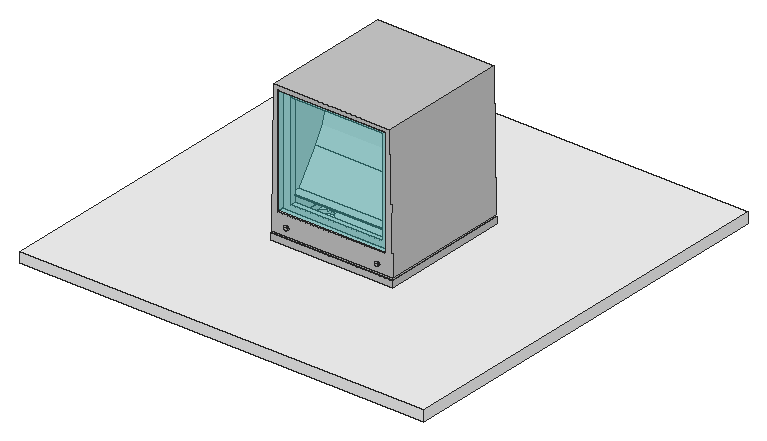
Revit family "BE_24370_de_DE", category Leuchten, Revit 2015
Parameters (values of type "BEGA_24370_Silber_K3")
  built-in parameter 1150104 = 12.802 (stored number, unit not read)
  Wattage = 8.2 W
  Default Elevation = 0 mm
  built-in parameter 1150113 = 1 (stored number, unit not read)
  built-in parameter 1114218 = 1 (stored number, unit not read)
  Umgebungstemperatur = ""
  URL = "http://www.bega.de/produkt/24370"
  Typenkommentare = "© 2016 BEGA. Wir behalten uns das Recht vor, technische Änderungen ohne vorherige Ankündigung vorzunehmen."  # constant formula
  Type Image = 24370.png
  built-in parameter 1150134 = (empty or 0)
  built-in parameter 1150109 = 1 (stored number, unit not read)
  Strom = ""
  built-in parameter 1150110 = 1 (stored number, unit not read)
  Spannung = 239.996 V
  Sonderanfertigung = no
  Seriennummer [instance] = "Hier können Sie die eindeutige Seriennummer für das Facility Management eintragen."
  Schutzklasse = "I"
  Schutzart = "IP 64"
  Scheinlast = 0 VA
  Produktdatenblatt = "http://www.bega.de/download/Xrfa/db/24370.db.de.pdf"
  Oberflächentemperatur = ""
  Neigungswinkel = 0.00°
  Modell = "24370A"
  Material_17 = BEGA_Reflektor
  Material_15 = BEGA_Leuchtmedium_matt
  Material_11 = BEGA_Glas_opal
  Material_09 = BEGA_Glas_klar
  Material_06 = BEGA_Oberfläche_Edelstahl_gebürstet
  Material_02 = BEGA_Oberfläche_Silber_matt
  Material_01 [instance] = BEGA_Oberfläche_Grafit_matt
  M_W = no
  M_G = no
  M_A = yes
  Logo = 0
  built-in parameter 1114217 = 1 (stored number, unit not read)
  built-in parameter 1150139 = (empty or 0)
  built-in parameter 1150105 = 89.919 (stored number, unit not read)
  built-in parameter 1150114 = 1 (stored number, unit not read)
  Lumens = 1129.96 lm
  built-in parameter 1150115 = 1 (stored number, unit not read)
  Leuchtenlichtstrom = "419 lm"
  Leuchtenanzahl = ""
  Lebensdauerkriterien = "L70 = 50.000 h"
  Lastklassifizierung = Beleuchtung
  built-in parameter 1150112 = 1 (stored number, unit not read)
  Lampenlichtstrom = "1130 lm"
  Lampe = "LED 8.2 W"
  LED_Modulbezeichnung = "LED-0650/830"
  built-in parameter 1150142 = (empty or 0)
  Hersteller = "BEGA"  # constant formula
  Halbstreuwinkel = ""
  Gewicht = "1.3 kg"
  Gebrauchslageneinschränkung [instance] = ""
  Frequenz = "0/50-60 Hz"
  Farbwiedergabeindex = "Ra > 80"
  Farbtemperaturverschiebung bei Dämpfen der Lampe = <Keine Auswahl>
  Farbtemperatur = "3000 K"
  Color Filter = 16777215
  built-in parameter 1150133 = 10 (stored number, unit not read)
  Energieeffizienzklasse = "LED A++ - A"
  built-in parameter 1150137 = (empty or 0)
  built-in parameter 1150132 = (empty or 0)
  ENEC = ""
  Datei für fotometrisches Netz = "BE_24370.IES"
  CE_Konformität = "ja"
  Bestellnummer = "24370A"
  Beschreibung_Sonderanfertigung = "Hier können Sie Informationen zur Sonderanfertigung eintragen."
  Beschreibung = "Wandleuchte"
  built-in parameter 1150106 = 0.89919 (stored number, unit not read)
  Befestigungsbohrung = "Ø 4,3 mm"
  Befestigungsabstand = "84 mm"
  Ballwurfsicher = ""
  BEGA_Intern_aus = yes
  BEGA_Intern_an = yes
  BEGA_Intern_Konstruktion = yes
  BEGA_Intern = yes
  BEGA_IES = yes
  BEGA_Dummy = no
  Anschlussleitung = ""
  Anschlussleistung [instance] = "10 W"
  built-in parameter 1150107 = 3000 (stored number, unit not read)
  built-in parameter 1150102 = (empty or 0)
  built-in parameter 1150138 = (empty or 0)
  Aktualisierung = "2016-06-21T04:10:22"
  Abstand_zur_angestrahlten_Fläche [instance] = ""
  AC/DC = "AC/DC"
Types (2, lengths in mm): name | Modell | M_G | M_A | Bestellnummer
  BEGA_24370_Grafit_K3 | "24370" | yes | no | "24370"
  BEGA_24370_Silber_K3 | "24370A" | no | yes | "24370A"
Reference planes
  plane 1 "Mitte (Vorne/Hinten)": y = 0
  plane 2: z = 0
  plane 3 "Mitte (Links/Rechts)": x = 0
  plane 4 "Links": x = -60.162
  plane 5 "Rechts": x = 60.162
  plane 6 "Unten": y = -64.412
  plane 7 "Oben": y = 64.412
  plane 8 "Vorne": z = 139.2
Forms (mm)
  Extrusion 1, solid, material "BEGA_Platte_Weiss"
    sketch origin (0, -1119.2, 0) x (1, 0, 0) y (0, 1, 0)
      loop
        line (-200, 1319.2) -> (-200, 919.2) -> (200, 919.2) -> (200, 1319.2) -> (-200, 1319.2)
    from 0 to -10
  Extrusion 2, solid, material "BEGA_Dummy_matt", visible <- "BEGA_Dummy"
    sketch origin (80.095, -76.023, 0) x (1, 0, 0) y (0, 1, 0)
      loop
        line (-140.258, 140.435) -> (-140.258, 11.611) -> (-19.933, 11.611) -> (-19.933, 140.435) -> (-140.258, 140.435)
    from 0 to 139.2
Dimensions and locks
  plane 1 "Mitte (Vorne/Hinten)" to Extrusion 1 = 200 mm
  aligned and locked: plane 2 to Extrusion 1
  aligned and locked: level to Extrusion 1
Nested families
  nested 1: "BE_24370" at (0, 0, 0) x (0, -1, 0) z (0, 0, 1), type "BE_24370"
Connectors
  electrical at (0, 0, 0), driven by "Lastklassifizierung", driven by "Spannung", driven by "Scheinlast"
    settings: index 1, voltage 239.996 V, apparent load 0 VA, apparent load phase1 0 VA, apparent load phase2 0 VA, apparent load phase3 0 VA, power factor 1, load classification "Beleuchtung", number of poles 1, system type 31, power factor state 1, is connector primary yes, connector utility no, sub classification motor no, connector description ""
Definition of nested family "BE_24370"
  Parameters (values of type "BE_24370")
    Default Elevation = 1 mm
    URL = "http://www.bega.de/de/produkt"
    Type Comments = "© 2015 BEGA. Wir behalten uns das Recht vor, technische Änderungen ohne vorherige Ankündigung vorzunehmen. "  # constant formula
    Type Image = (empty or 0)
    Material_17 = none
    Material_15 = none
    Material_11 = none
    Material_09 = none
    Material_06 = none
    Material_03 = none
    Material_02 = none
    Material_01 = none
    M_W = yes
    M_G = yes
    M_A = yes
    Länge_Platte = 200 mm  # constant formula
    Höhe_Platte = -10 mm  # constant formula
    Manufacturer = "BEGA"  # constant formula
    Breite_Platte = 200 mm  # constant formula
  Reference planes
    plane 1 "Mitte (Oben/Unten)": y = 0
    plane 2: z = 0
    plane 3 "Mitte (Links/Rechts)": x = 0
    plane 4 "Links": x = -64.412
    plane 5 "Unten": y = -60.162
    plane 6: z = 139.2
    plane 7: x = 64.412
    plane 8: y = 60.162
  Forms (mm)
    Extrusion 1, solid, detail levels medium
      sketch origin (0, 0, 0) x (1, 0, 0) y (0, 1, 0)
        loop
          line (-100, 100) -> (-100, -100) -> (100, -100) -> (100, 100) -> (-100, 100)
      from 0 to -10 <- "Höhe_Platte"
    Sweep 2, solid, material <- "Material_01", visible <- "M_G", detail levels medium+fine
      path origin (0, 0, 0) x (1, 0, 0) y (0, 1, 0)
        loop
          line (64.412, 60.162) -> (-64.412, 60.162) -> (-64.412, -60.162) -> (64.412, -60.162) -> (64.412, 60.162)
      profile origin (64.412, 0, 0) x (1, 0, 0) y (0, 0, 1)
        loop
          line (-0.162, 6.2) -> (-1.014, 6.2) -> (-1.014, 8.171) -> (-4.684, 11.3) -> (-8.075, 11.3) -> (-8.075, 9.009) -> (-6.963, 9.009) -> (-6.491, 0) -> (0, 0) -> (-0.162, 6.2)
    Extrusion 3, solid, material <- "Material_01", visible <- "M_G", detail levels medium+fine
      sketch origin (0, 0, 0) x (1, 0, 0) y (0, 1, 0)
        loop
          line (-56.338, -52.088) -> (56.338, -52.088) -> (56.338, 52.088) -> (-56.338, 52.088) -> (-56.338, -52.088)
      from 9.009 to 11.3
    Sweep 4, solid, material <- "Material_01", visible <- "M_G", detail levels medium+fine
      path origin (0, 0, 0) x (1, 0, 0) y (0, 1, 0)
        loop
          line (64.412, 60.162) -> (-64.412, 60.162) -> (-64.412, -60.162) -> (64.412, -60.162) -> (64.412, 60.162)
      profile origin (64.412, 0, 0) x (1, 0, 0) y (0, 0, 1)
        loop
          line (-17.409, 139.2) -> (-17.409, 136.7) -> (-10.961, 136.7) -> (-10.961, 11.3) -> (-4.605, 11.3) -> (-1.162, 8.2) -> (-0.162, 8.2) -> (-0.162, 139.2) -> (-17.409, 139.2)
    Extrusion 5, solid, material <- "Material_01", visible <- "M_G", detail levels medium+fine
      sketch origin (0, 0, 0) x (1, 0, 0) y (0, 1, 0)
        loop
          line (-47.003, -42.753) -> (47.003, -42.753) -> (47.003, 42.753) -> (-47.003, 42.753) -> (-47.003, -42.753)
      from 136.7 to 139.2
    Extrusion 6, void
      sketch origin (0, 0, 0.047) x (0, 1, 0) y (0, 0, 1)
        loop
          line (-62.675, -155.234) -> (-57.381, 148.019) -> (-62.675, 148.019) -> (-62.675, -155.234)
        loop
          line (62.675, -155.234) -> (62.675, 148.019) -> (57.381, 148.019) -> (62.675, -155.234)
      from -72.582 to 69.401
    Extrusion 7, void
      sketch origin (0, 0, 0) x (1, 0, 0) y (0, 0, 1)
        loop
          line (57.95, 135.201) -> (57.95, 27.577) -> (65.478, 27.577) -> (65.478, 135.201) -> (57.95, 135.201)
      from -53.343 to 53.419
    Extrusion 8, void
      sketch origin (0, 0, 0) x (1, 0, 0) y (0, 0, 1)
        loop
          line (57.95, 129.183) -> (52.659, 129.183) -> (52.659, 33.634) -> (57.95, 33.634) -> (57.95, 129.183)
      from -45.709 to 45.635
    Extrusion 9, solid, material <- "Material_09", detail levels medium+fine
      sketch origin (0, 0, 0) x (1, 0, 0) y (0, 0, 1)
        loop
          line (63.95, 134.55) -> (57.95, 134.55) -> (57.95, 28.05) -> (63.95, 28.05) -> (63.95, 134.55)
      from -52.654 to 52.734
    Extrusion 10, solid, material <- "Material_17", detail levels medium+fine
      sketch origin (0, 0, 0) x (1, 0, 0) y (0, 0, 1)
        loop
          line (-23.835, 70.194) -> (-43.997, 41.4) -> (-54.106, 41.4) -> (-54.106, 40.569) -> (-43.663, 40.569) -> (-23.221, 69.763)
          arc (-23.221, 69.763) -> (-11.748, 92.854) -> (-7.8, 118.334) r 84.202
          line (-7.8, 118.334) -> (-7.8, 127.15)
          arc (-7.8, 127.15) -> (-7.507, 127.857) -> (-6.8, 128.15) r 1
          line (-6.8, 128.15) -> (6.8, 128.15)
          arc (6.8, 128.15) -> (7.507, 127.857) -> (7.8, 127.15) r 1
          line (7.8, 127.15) -> (7.8, 118.334)
          arc (7.8, 118.334) -> (11.748, 92.854) -> (23.221, 69.763) r 84.202
          line (23.221, 69.763) -> (43.663, 40.569) -> (54.106, 40.569) -> (54.106, 41.4) -> (43.997, 41.4) -> (23.835, 70.194)
          arc (23.835, 70.194) -> (12.515, 93.088) -> (8.55, 118.319) r 84.524
          line (8.55, 118.319) -> (8.55, 127.15)
          arc (8.55, 127.15) -> (8.037, 128.387) -> (6.8, 128.9) r 1.75
          line (6.8, 128.9) -> (-6.8, 128.9)
          arc (-6.8, 128.9) -> (-8.037, 128.387) -> (-8.55, 127.15) r 1.75
          line (-8.55, 127.15) -> (-8.55, 118.318)
          arc (-8.55, 118.318) -> (-12.515, 93.088) -> (-23.835, 70.194) r 84.524
      from -53.343 to 53.419
    Revolve 11, solid, material <- "Material_06", detail levels fine
      sketch origin (0, 0, 15.837) x (1, 0, 0) y (0, 1, 0)
        loop
          line (64.75, -45) -> (62.292, -45) -> (62.292, -47) -> (64.75, -47) -> (64.75, -45)
        axis (62.292, -45) -> (64.75, -45)
      angle from 0 to 360
    Revolve 12, solid, material <- "Material_06", detail levels fine
      sketch origin (0, 0, 15.837) x (1, 0, 0) y (0, 1, 0)
        loop
          line (64.75, 45) -> (64.75, 47) -> (62.292, 47) -> (62.292, 45) -> (64.75, 45)
        axis (62.292, 45) -> (64.75, 45)
      angle from 0 to 360
    Sweep 13, solid, material <- "Material_02", visible <- "M_A", detail levels medium+fine
      path origin (0, 0, 0) x (1, 0, 0) y (0, 1, 0)
        loop
          line (64.412, 60.162) -> (-64.412, 60.162) -> (-64.412, -60.162) -> (64.412, -60.162) -> (64.412, 60.162)
      profile origin (64.412, 0, 0) x (1, 0, 0) y (0, 0, 1)
        loop
          line (-17.409, 139.2) -> (-17.409, 136.7) -> (-10.961, 136.7) -> (-10.961, 11.3) -> (-4.605, 11.3) -> (-1.162, 8.2) -> (-0.162, 8.2) -> (-0.162, 139.2) -> (-17.409, 139.2)
    Extrusion 14, solid, material <- "Material_02", visible <- "M_A", detail levels medium+fine
      sketch origin (0, 0, 0) x (1, 0, 0) y (0, 1, 0)
        loop
          line (-47.003, -42.753) -> (47.003, -42.753) -> (47.003, 42.753) -> (-47.003, 42.753) -> (-47.003, -42.753)
      from 136.7 to 139.2
    Sweep 15, solid, material <- "Material_02", visible <- "M_A", detail levels medium+fine
      path origin (0, 0, 0) x (1, 0, 0) y (0, 1, 0)
        loop
          line (64.412, 60.162) -> (-64.412, 60.162) -> (-64.412, -60.162) -> (64.412, -60.162) -> (64.412, 60.162)
      profile origin (64.412, 0, 0) x (1, 0, 0) y (0, 0, 1)
        loop
          line (-0.162, 6.2) -> (-1.014, 6.2) -> (-1.014, 8.171) -> (-4.684, 11.3) -> (-8.075, 11.3) -> (-8.075, 9.009) -> (-6.963, 9.009) -> (-6.491, 0) -> (0, 0) -> (-0.162, 6.2)
    Extrusion 16, solid, material <- "Material_02", visible <- "M_A", detail levels medium+fine
      sketch origin (0, 0, 0) x (1, 0, 0) y (0, 1, 0)
        loop
          line (-56.338, -52.088) -> (56.338, -52.088) -> (56.338, 52.088) -> (-56.338, 52.088) -> (-56.338, -52.088)
      from 9.009 to 11.3
    Extrusion 17, void
      sketch origin (0, 0, 0) x (1, 0, 0) y (0, 1, 0)
        loop
          circle (5, 42) r 2.54
        loop
          circle (5, -42) r 2.54
        loop
          circle (24, 40) r 8.5
        loop
          circle (24, -40) r 8.5
      from 0 to 15.1
  Cuts and joins
    Extrusion 17 cuts Sweep 2
    Extrusion 17 cuts Extrusion 3
    joined: Sweep 2, Extrusion 3
    Extrusion 6, Extrusion 7, Extrusion 8, Extrusion 17 cuts Sweep 4
    Extrusion 6, Extrusion 7, Extrusion 8, Extrusion 17 cuts Extrusion 5
    joined: Sweep 4, Extrusion 5
    Extrusion 6, Extrusion 7, Extrusion 8, Extrusion 17 cuts Sweep 13
    Extrusion 17 cuts Extrusion 14
    joined: Sweep 13, Extrusion 14
    Extrusion 17 cuts Sweep 15
    Extrusion 17 cuts Extrusion 16
    joined: Sweep 15, Extrusion 16
    Extrusion 17 cuts Extrusion 10
  Dimensions and locks
    equal spacing: Extrusion 1 sketch curve, plane 3 "Mitte (Links/Rechts)", Extrusion 1 sketch curve
    equal spacing: Extrusion 1 sketch curve, plane 1 "Mitte (Oben/Unten)", Extrusion 1 sketch curve
    "Länge_Platte": Extrusion 1 sketch curve to Extrusion 1 sketch curve
    "Breite_Platte": Extrusion 1 sketch curve to Extrusion 1 sketch curve
    aligned and locked: Extrusion 1 to plane 2
    aligned and locked: level to Extrusion 1
  Automatic sketch dimensions
    Sweep 2 sketch curve to plane 3 "Mitte (Links/Rechts)" = 64.412 mm
    plane 3 "Mitte (Links/Rechts)" to Sweep 2 sketch curve = 64.412 mm
    plane 1 "Mitte (Oben/Unten)" to Sweep 2 sketch curve = 60.162 mm
    Sweep 2 sketch curve to plane 1 "Mitte (Oben/Unten)" = 60.162 mm
    Sweep 2 sketch curve to level = 0 mm
    profile plane to Sweep 2 sketch curve = 0 mm
    profile plane to Sweep 2 sketch curve = 0.162 mm
    Sweep 2 sketch curve to Sweep 2 sketch curve = 0.852 mm
    profile plane to Sweep 2 sketch curve = 4.684 mm
    profile plane to Sweep 2 sketch curve = 6.491 mm
    Sweep 2 sketch curve to Sweep 2 sketch curve = 2.278 mm
    Sweep 2 sketch curve to Sweep 2 sketch curve = 1.112 mm
    level to Sweep 2 sketch curve = 6.2 mm
    Sweep 2 sketch curve to Sweep 2 sketch curve = 1.971 mm
    Sweep 2 sketch curve to Sweep 2 sketch curve = 0.838 mm
    Sweep 2 sketch curve to Sweep 2 sketch curve = 2.291 mm
    Extrusion 3 sketch curve to plane 3 "Mitte (Links/Rechts)" = 56.338 mm
    plane 3 "Mitte (Links/Rechts)" to Extrusion 3 sketch curve = 56.338 mm
    plane 1 "Mitte (Oben/Unten)" to Extrusion 3 sketch curve = 52.088 mm
    Extrusion 3 sketch curve to plane 1 "Mitte (Oben/Unten)" = 52.088 mm
    Sweep 4 sketch curve to plane 3 "Mitte (Links/Rechts)" = 64.412 mm
    plane 3 "Mitte (Links/Rechts)" to Sweep 4 sketch curve = 64.412 mm
    plane 1 "Mitte (Oben/Unten)" to Sweep 4 sketch curve = 60.162 mm
    Sweep 4 sketch curve to plane 1 "Mitte (Oben/Unten)" = 60.162 mm
    profile plane to Sweep 4 sketch curve = 17.409 mm
    Sweep 4 sketch curve to Sweep 4 sketch curve = 6.448 mm
    profile plane to Sweep 4 sketch curve = 4.605 mm
    profile plane to Sweep 4 sketch curve = 1.162 mm
    profile plane to Sweep 4 sketch curve = 0.162 mm
    level to Sweep 4 sketch curve = 8.2 mm
    Sweep 4 sketch curve to Sweep 4 sketch curve = 3.1 mm
    Sweep 4 sketch curve to Sweep 4 sketch curve = 125.4 mm
    Sweep 4 sketch curve to Sweep 4 sketch curve = 2.5 mm
    Extrusion 5 sketch curve to plane 3 "Mitte (Links/Rechts)" = 47.003 mm
    plane 3 "Mitte (Links/Rechts)" to Extrusion 5 sketch curve = 47.003 mm
    plane 1 "Mitte (Oben/Unten)" to Extrusion 5 sketch curve = 42.753 mm
    Extrusion 5 sketch curve to plane 1 "Mitte (Oben/Unten)" = 42.753 mm
    plane 1 "Mitte (Oben/Unten)" to Extrusion 6 sketch curve = 62.675 mm
    Extrusion 6 sketch curve to Extrusion 6 sketch curve = 5.293 mm
    Extrusion 6 sketch curve to plane 1 "Mitte (Oben/Unten)" = 57.381 mm
    Extrusion 6 sketch curve to plane 1 "Mitte (Oben/Unten)" = 62.675 mm
    level to Extrusion 7 sketch curve = 27.577 mm
    plane 3 "Mitte (Links/Rechts)" to Extrusion 7 sketch curve = 57.95 mm
    Extrusion 7 sketch curve to Extrusion 7 sketch curve = 7.528 mm
    plane 3 "Mitte (Links/Rechts)" to Extrusion 8 sketch curve = 52.659 mm
    Extrusion 8 sketch curve to Extrusion 8 sketch curve = 5.291 mm
    level to Extrusion 8 sketch curve = 33.634 mm
    plane 3 "Mitte (Links/Rechts)" to Extrusion 9 sketch curve = 57.95 mm
    Extrusion 9 sketch curve to Extrusion 9 sketch curve = 6 mm
    level to Extrusion 9 sketch curve = 28.05 mm
    Extrusion 10 sketch curve to Extrusion 10 sketch curve = 0 mm  (x5)
    Extrusion 10 sketch curve to plane 3 "Mitte (Links/Rechts)" = 93.073 mm
    Extrusion 10 sketch curve to Extrusion 10 sketch curve = 1.071 mm  (x2)
    Extrusion 10 sketch curve to plane 3 "Mitte (Links/Rechts)" = 54.106 mm
    Extrusion 10 sketch curve to Extrusion 10 sketch curve = 10.11 mm  (x2)
    Extrusion 10 sketch curve to Extrusion 10 sketch curve = 0.334 mm  (x2)
    Extrusion 10 sketch curve to plane 3 "Mitte (Links/Rechts)" = 23.835 mm
    Extrusion 10 sketch curve to Extrusion 10 sketch curve = 0.614 mm  (x2)
    Extrusion 10 sketch curve to plane 3 "Mitte (Links/Rechts)" = 8.55 mm
    Extrusion 10 sketch curve to Extrusion 10 sketch curve = 0.75 mm
    Extrusion 10 sketch curve to Extrusion 10 sketch curve = 1 mm  (x2)
    plane 3 "Mitte (Links/Rechts)" to Extrusion 10 sketch curve = 6.8 mm
    plane 3 "Mitte (Links/Rechts)" to Extrusion 10 sketch curve = 23.221 mm
    Extrusion 10 sketch curve to Extrusion 10 sketch curve = 20.442 mm
    Extrusion 10 sketch curve to Extrusion 10 sketch curve = 83.452 mm
    level to Extrusion 10 sketch curve = 40.569 mm  (x2)
    Extrusion 10 sketch curve to Extrusion 10 sketch curve = 0.831 mm  (x2)
    Extrusion 10 sketch curve to Extrusion 10 sketch curve = 28.363 mm  (x2)
    Extrusion 10 sketch curve to Extrusion 10 sketch curve = 0.43 mm  (x2)
    Extrusion 10 sketch curve to Extrusion 10 sketch curve = 0.016 mm  (x2)
    Extrusion 10 sketch curve to Extrusion 10 sketch curve = 0.34 mm
    Extrusion 10 sketch curve to Extrusion 10 sketch curve = 8.831 mm
    plane 3 "Mitte (Links/Rechts)" to Revolve 11 sketch curve = 62.292 mm
    Revolve 11 sketch curve to Revolve 11 sketch curve = 2.458 mm
    plane 1 "Mitte (Oben/Unten)" to Revolve 11 sketch curve = 47 mm
    Revolve 11 sketch curve to Revolve 11 sketch curve = 2 mm
    Revolve 11 sketch curve to Revolve 11 sketch curve = 0 mm  (x3)
    plane 3 "Mitte (Links/Rechts)" to Revolve 12 sketch curve = 62.292 mm
    Revolve 12 sketch curve to Revolve 12 sketch curve = 2.458 mm
    Revolve 12 sketch curve to plane 1 "Mitte (Oben/Unten)" = 45 mm
    Revolve 12 sketch curve to Revolve 12 sketch curve = 2 mm
    Revolve 12 sketch curve to Revolve 12 sketch curve = 0 mm  (x3)
    Sweep 13 sketch curve to plane 3 "Mitte (Links/Rechts)" = 64.412 mm
    plane 3 "Mitte (Links/Rechts)" to Sweep 13 sketch curve = 64.412 mm
    plane 1 "Mitte (Oben/Unten)" to Sweep 13 sketch curve = 60.162 mm
    Sweep 13 sketch curve to plane 1 "Mitte (Oben/Unten)" = 60.162 mm
    profile plane to Sweep 13 sketch curve = 17.409 mm
    Sweep 13 sketch curve to Sweep 13 sketch curve = 6.448 mm
    profile plane to Sweep 13 sketch curve = 4.605 mm
    profile plane to Sweep 13 sketch curve = 1.162 mm
    profile plane to Sweep 13 sketch curve = 0.162 mm
    level to Sweep 13 sketch curve = 8.2 mm
    Sweep 13 sketch curve to Sweep 13 sketch curve = 3.1 mm
    Sweep 13 sketch curve to Sweep 13 sketch curve = 125.4 mm
    Sweep 13 sketch curve to Sweep 13 sketch curve = 2.5 mm
    Extrusion 14 sketch curve to plane 3 "Mitte (Links/Rechts)" = 47.003 mm
    plane 3 "Mitte (Links/Rechts)" to Extrusion 14 sketch curve = 47.003 mm
    plane 1 "Mitte (Oben/Unten)" to Extrusion 14 sketch curve = 42.753 mm
    Extrusion 14 sketch curve to plane 1 "Mitte (Oben/Unten)" = 42.753 mm
    Sweep 15 sketch curve to plane 3 "Mitte (Links/Rechts)" = 64.412 mm
    plane 3 "Mitte (Links/Rechts)" to Sweep 15 sketch curve = 64.412 mm
    plane 1 "Mitte (Oben/Unten)" to Sweep 15 sketch curve = 60.162 mm
    Sweep 15 sketch curve to plane 1 "Mitte (Oben/Unten)" = 60.162 mm
    Sweep 15 sketch curve to level = 0 mm
    profile plane to Sweep 15 sketch curve = 0 mm
    profile plane to Sweep 15 sketch curve = 0.162 mm
    Sweep 15 sketch curve to Sweep 15 sketch curve = 0.852 mm
    profile plane to Sweep 15 sketch curve = 4.684 mm
    profile plane to Sweep 15 sketch curve = 6.491 mm
    Sweep 15 sketch curve to Sweep 15 sketch curve = 2.278 mm
    Sweep 15 sketch curve to Sweep 15 sketch curve = 1.112 mm
    level to Sweep 15 sketch curve = 6.2 mm
    Sweep 15 sketch curve to Sweep 15 sketch curve = 1.971 mm
    Sweep 15 sketch curve to Sweep 15 sketch curve = 0.838 mm
    Sweep 15 sketch curve to Sweep 15 sketch curve = 2.291 mm
    Extrusion 16 sketch curve to plane 3 "Mitte (Links/Rechts)" = 56.338 mm
    plane 3 "Mitte (Links/Rechts)" to Extrusion 16 sketch curve = 56.338 mm
    plane 1 "Mitte (Oben/Unten)" to Extrusion 16 sketch curve = 52.088 mm
    Extrusion 16 sketch curve to plane 1 "Mitte (Oben/Unten)" = 52.088 mm
    plane 3 "Mitte (Links/Rechts)" to Extrusion 17 sketch curve = 5 mm  (x2)
    Extrusion 17 sketch curve to Extrusion 17 sketch curve = 19 mm  (x2)
    plane 1 "Mitte (Oben/Unten)" to Extrusion 17 sketch curve = 42 mm
    Extrusion 17 sketch curve to Extrusion 17 sketch curve = 2 mm  (x2)
    Extrusion 17 sketch curve to plane 1 "Mitte (Oben/Unten)" = 40 mm
    level to Extrusion 6 sketch curve = 148.065 mm
    Extrusion 6 sketch curve to Extrusion 6 sketch curve = 0 mm  (x2)
    Extrusion 7 sketch curve to Extrusion 7 sketch curve = 107.624 mm
    Extrusion 8 sketch curve to Extrusion 8 sketch curve = 95.549 mm
    Extrusion 9 sketch curve to Extrusion 9 sketch curve = 106.5 mm
    Extrusion 6 sketch curve to level = 155.187 mm
    radius of Extrusion 17 sketch curve = 2.54 mm  (x2)
    radius of Extrusion 17 sketch curve = 8.5 mm  (x2)
